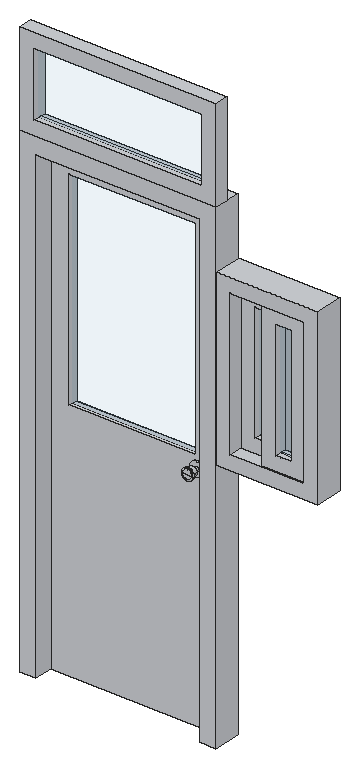
Revit family "D8A_鋁門1", category 門, Revit 2014
Parameters (values of type "90 x 210 cm 2")
  玻璃 = 玻璃
  熱阻 (R) = 0.270117 (m²·K)/W
  Visual Light Transmittance = 0
  Solar Heat Gain Coefficient = 0
  營造類型 Id = "MDOOR"
  關鍵註記 = "單開門-矩形"
  傳熱係數 (U) = 3.7021 W/(m²·K)
  功能 = 室內
  門扇材料 = none
  門扇寬度 = Width - 2 * 開門側框寬度  # 750 mm
  門扇厚度 = 40 mm
  Assembly Code = ""
  Rough Height = Height  # 2100 mm
  Rough Width = Width  # 850 mm
  框架深度 = 120 mm
  框擋板寬度 = 門扇厚度 / 2  # 20 mm
  框總寬度 [instance] = 開門側框寬度 + 框擋板寬度  # 70 mm
  Height = 2100 mm
  牆封閉 = 依主體
  框架材料 = none
  開門側框寬度 = 50 mm
  握把五金 = none
  Width = 850 mm
  操作 = "左單開門方向"
  解析營造 = "金屬"
Reference planes
  plane 1: y = -210
  plane 2 "中心 (左/右)": x = 0
  plane 3 "左": x = -425
  plane 4 "右": x = 425
  plane 5: z = 2100
  plane 6 "外部": y = -135
  plane 7 "內部": y = -285
  plane 8: y = 320
  plane 9: y = -740
  plane 10: z = 1050
Forms (mm)
  Sweep 1, solid, material <- "框架材料"
    path origin (-5000, -210, 0) x (-1, 0, 0) y (0, 0, 1)
      loop
        line (-5425, 0) -> (-5425, 2100) -> (-4575, 2100) -> (-4575, 0)
    profile origin (425, -210, 1050) x (1, 0, 0) y (0, 1, 0)
      loop
        line (0, 60) -> (-50, 60) -> (-50, 20) -> (-70, 20) -> (-70, -60) -> (0, -60) -> (0, 60)
  Extrusion 2, solid, material <- "門扇材料"
    sketch origin (-5000, -210, 0) x (1, 0, 0) y (0, 0, 1)
      loop
        line (4625, 2050) -> (4625, 0) -> (5375, 0) -> (5375, 2050) -> (4625, 2050)
      loop
        line (5275, 1050) -> (5275, 1950) -> (4725, 1950) -> (4725, 1050) -> (5275, 1050)
    from -60 to -20
  Extrusion 3, solid, material "玻璃" <- "玻璃"
    sketch origin (-5000, -210, 0) x (1, 0, 0) y (0, 0, 1)
      loop
        line (5275, 1950) -> (4725, 1950) -> (4725, 1050) -> (5275, 1050) -> (5275, 1950)
    from -55 to -35
Lines and regions (mm)
  Opening 1
    outline origin (-3050, -285, 0) x (1, 0, 0) y (0, 0, 1)
      loop
        line (2625, 0) -> (3475, 0) -> (3475, 2100) -> (2625, 2100) -> (2625, 0)
  symbolic lines, style "Doors"
    curve 1: line (-375, -150, 0) -> (-335, -150, 0)
    curve 2: line (-375, 600, 0) -> (-375, -150, 0)
    curve 3: line (-335, 600, 0) -> (-375, 600, 0)
    curve 4: line (-335, -150, 0) -> (-335, 600, 0)
  symbolic lines, style "平面圖打開方向"
    curve 5: arc (375, -150, 0) -> (169.289, 365.994, 0) -> (-335, 598.933, 0) r 750
  symbolic lines, style "DoorsFrameMullionProjection"
    curve 6: line (-375, -150, 0) -> (-425, -150, 0)
    curve 7: line (-375, -270, 0) -> (-375, -150, 0)
    curve 8: line (-425, -270, 0) -> (-375, -270, 0)
    curve 9: line (-425, -150, 0) -> (-425, -270, 0)
    curve 10: line (375, -150, 0) -> (425, -150, 0)
    curve 11: line (375, -270, 0) -> (375, -150, 0)
    curve 12: line (425, -270, 0) -> (375, -270, 0)
    curve 13: line (425, -150, 0) -> (425, -270, 0)
  symbolic lines, style "立面圖打開方向"
    curve 14: line (-425, -285, 1050) -> (425, -285, 0)
    curve 15: line (-425, -135, 1050) -> (425, -135, 2100)
  model lines
    curve 16: line (275, -190, 950) -> (-275, -190, 950)
    curve 17: line (275, -190, 100) -> (275, -190, 950)
    curve 18: line (-275, -190, 100) -> (275, -190, 100)
    curve 19: line (-240, -190, 950) -> (-240, -190, 100)
    curve 20: line (-180, -190, 950) -> (-180, -190, 100)
    curve 21: line (-120, -190, 950) -> (-120, -190, 100)
    curve 22: line (-60, -190, 950) -> (-60, -190, 100)
    curve 23: line (0, -190, 950) -> (0, -190, 100)
    curve 24: line (60, -190, 950) -> (60, -190, 100)
    curve 25: line (120, -190, 950) -> (120, -190, 100)
    curve 26: line (180, -190, 950) -> (180, -190, 100)
    curve 27: line (240, -190, 950) -> (240, -190, 100)
    curve 28: line (275, -150, 950) -> (-275, -150, 950)
    curve 29: line (275, -150, 100) -> (275, -150, 950)
    curve 30: line (-275, -150, 100) -> (275, -150, 100)
    curve 31: line (-275, -150, 950) -> (-275, -150, 100)
    curve 32: line (-240, -150, 950) -> (-240, -150, 100)
    curve 33: line (-180, -150, 950) -> (-180, -150, 100)
    curve 34: line (-120, -150, 950) -> (-120, -150, 100)
    curve 35: line (-60, -150, 950) -> (-60, -150, 100)
    curve 36: line (0, -150, 950) -> (0, -150, 100)
    curve 37: line (60, -150, 950) -> (60, -150, 100)
    curve 38: line (120, -150, 950) -> (120, -150, 100)
    curve 39: line (180, -150, 950) -> (180, -150, 100)
    curve 40: line (240, -150, 950) -> (240, -150, 100)
Text (mm)
  text "外部" at (-2295.016, 1099.543, 0), in view "參考樓層"
  text "外部" at (0, 1615.38, 3698.081), in view "左"
  text "外部" at (0, 1036.032, 3874.932), in view "右"
Dimensions and locks
  equal spacing: plane 3 "左", plane 2 "中心 (左/右)", plane 4 "右"
  "Width": plane 3 "左" to plane 4 "右"
  "Height": plane 5 to host wall
  host wall to plane 5 = 2100 mm  (x2)
  locked: plane 6 "外部" to host wall at 0
  locked: plane 7 "內部" to host wall
  equal spacing: Sweep 1 sketch curve, host wall, Sweep 1 sketch curve
  "框架深度": Sweep 1 sketch curve to Sweep 1 sketch curve
  "門扇厚度": Sweep 1 sketch curve to Sweep 1 sketch curve
  "開門側框寬度": Sweep 1 sketch curve to Sweep 1 sketch curve
  "框擋板寬度": Sweep 1 sketch curve to Sweep 1 sketch curve
  "Width": Sweep 1 sketch curve to Sweep 1 sketch curve
  "門扇厚度": curve 2 to curve 4
  "門扇寬度": curve 3 to curve 1
  "開門側框寬度": curve 11 to Sweep 1
  "開門側框寬度": curve 9 to curve 7
  equal spacing: Sweep 1, host wall, Sweep 1  (x2)
  "框架深度": Sweep 1 to Sweep 1  (x2)
  equal spacing: curve 6, plane 1, curve 8
  "框架深度": curve 6 to curve 8
  equal spacing: curve 12, plane 1, curve 10
  "框架深度": curve 12 to curve 10
  locked: nested 2 to Sweep 1 at 75
  locked: nested 1 to Sweep 1 at 75
  equal spacing: plane 8, plane 1, plane 9
  plane 8 to plane 9 = 1060 mm
  "門扇厚度": Extrusion 2 to Extrusion 2
  "門扇寬度": radius of curve 5
  aligned and locked: plane 3 "左" to Opening 1 sketch curve
  aligned and locked: plane 5 to Opening 1 sketch curve  (x2)
  aligned and locked: Opening 1 sketch curve to plane 4 "右"
  aligned and locked: Opening 1 sketch curve to level
  aligned and locked: plane 1 to host wall
  aligned and locked: Sweep 1 to Extrusion 2 sketch curve
  aligned and locked: Extrusion 2 sketch curve to Sweep 1  (x2)
  aligned and locked: level to Extrusion 2 sketch curve
  aligned and locked: Extrusion 2 to Sweep 1
  aligned and locked: nested 1 to Extrusion 2
  aligned and locked: Extrusion 2 to nested 2
  aligned and locked: plane 4 "右" to curve 15
  aligned and locked: plane 5 to curve 15
  aligned and locked: level to curve 14
  aligned and locked: plane 4 "右" to curve 14
  aligned and locked: plane 10 to curve 15
  aligned and locked: plane 3 "左" to curve 15
  aligned and locked: curve 14 to curve 15
  aligned and locked: plane 10 to Extrusion 2
  aligned and locked: nested 5 to nested 6
  aligned and locked: plane 3 "左" to nested 6
  aligned and locked: nested 5 to plane 4 "右"
  aligned and locked: plane 4 "右" to nested 6
Automatic sketch dimensions
  curve 14 to plane 10 = 0 mm
  plane 4 "右" to Sweep 1 sketch curve = 0 mm
  Sweep 1 sketch curve to plane 5 = 0 mm
  Sweep 1 sketch curve to level = 0 mm  (x2)
  Sweep 1 sketch curve to profile plane = 0 mm
  curve 9 to plane 3 "左" = 0 mm
  curve 13 to plane 4 "右" = 0 mm
  Extrusion 2 sketch curve to plane 10 = 0 mm
  Extrusion 2 sketch curve to plane 3 "左" = 150 mm
  plane 5 to Extrusion 2 sketch curve = 150 mm
  Extrusion 2 sketch curve to Extrusion 2 sketch curve = 100 mm
  Extrusion 3 sketch curve to plane 10 = 0 mm
  Extrusion 3 sketch curve to plane 3 "左" = 150 mm
  plane 5 to Extrusion 3 sketch curve = 150 mm
  plane 4 "右" to Extrusion 3 sketch curve = 150 mm
  Extrusion 2 to curve 18 = 0 mm  (x2)
  curve 18 to Extrusion 2 = 100 mm
  Extrusion 2 to curve 16 = 0 mm
  curve 17 to Extrusion 2 = 100 mm
  plane 4 "右" to curve 30 = 150 mm
  curve 29 to plane 10 = 100 mm
  curve 30 to plane 3 "左" = 150 mm
  curve 28 to plane 3 "左" = 150 mm
  level to curve 29 = 100 mm
Nested families
  nested 1: "喇叭鎖" at (355, -190, 0) x (-1, 0, 0) z (0, 0, 1), type "喇叭鎖"
  nested 2: "喇叭鎖" at (355, -150, 0) x (-1, 0, 0) z (0, 0, 1), type "喇叭鎖"
  nested 3: "喇叭鎖" at (365, 60, 1000), type "喇叭鎖", not visible
  nested 4: "喇叭鎖" at (365, 20, 1000), type "喇叭鎖", not visible
  nested 5: "雙開窗- (1)" at (645, -390, 0) x (-1, 0, 0) z (0, 0, 1), type "44 x 75 cm"
    with Height 750 mm, 預設窗台高度 1100 mm, Rough Height 750 mm, Rough Width 440 mm, Width 440 mm
  nested 6: "固定窗-矩形- (1)" at (0, -210, 0), type "85 x 40 cm"
    with Height 400 mm, 預設窗台高度 2100 mm, Rough Height 400 mm, Rough Width 850 mm, Width 850 mm
Definition of nested family "喇叭鎖"
  Parameters (values of type "喇叭鎖")
    Assembly Code = ""
    握把高度 = 1000 mm
    握把與版面側邊距離 = 75 mm
    握把五金 = none
  Reference planes
    plane 1 "中心 (前/後)": y = 0
    plane 2: z = 0
    plane 3 "中心 (左/右)": x = 0
    plane 4: x = 75
  Forms (mm)
    Revolve 1, solid, material <- "握把五金"
      sketch origin (511.236, -60, 1000) x (1, 0, 0) y (0, 1, 0)
        loop
          line (-436.236, 60) -> (-406.236, 60) -> (-406.236, 66) -> (-426.236, 66) -> (-426.236, 85) -> (-417.636, 85) -> (-411.236, 109.7) -> (-411.236, 113.2) -> (-415.736, 115) -> (-436.236, 115) -> (-436.236, 60)
        axis (-436.236, 60) -> (-436.236, 115)
      angle from 0 to 360
  Dimensions and locks
    "握把與版面側邊距離": plane 3 "中心 (左/右)" to plane 4
    "握把高度": Revolve 1 to level
  Automatic sketch dimensions
    plane 3 "中心 (左/右)" to Revolve 1 sketch curve = 75 mm  (x2)
    Revolve 1 sketch curve to plane 1 "中心 (前/後)" = 0 mm
    plane 3 "中心 (左/右)" to Revolve 1 sketch curve = 85 mm
    Revolve 1 sketch curve to Revolve 1 sketch curve = 8.6 mm
    plane 3 "中心 (左/右)" to Revolve 1 sketch curve = 95.5 mm
    Revolve 1 sketch curve to Revolve 1 sketch curve = 4.5 mm
    Revolve 1 sketch curve to Revolve 1 sketch curve = 20 mm
    plane 1 "中心 (前/後)" to Revolve 1 sketch curve = 60 mm
    Revolve 1 sketch curve to Revolve 1 sketch curve = 6 mm
    Revolve 1 sketch curve to Revolve 1 sketch curve = 19 mm
    Revolve 1 sketch curve to Revolve 1 sketch curve = 24.7 mm
    Revolve 1 sketch curve to Revolve 1 sketch curve = 3.5 mm
    Revolve 1 sketch curve to Revolve 1 sketch curve = 1.8 mm
    Revolve 1 sketch curve to Revolve 1 sketch curve = 200 mm
Definition of nested family "雙開窗- (1)"
  Parameters (values of type "100 x 150 cm")
    Visual Light Transmittance = 0.9
    Solar Heat Gain Coefficient = 0.78
    Construction Type Id = ""
    Height = 1500 mm
    Heat Transfer Coefficient (U) = 3.6886 W/(m²·K)
    預設窗台高度 = 900 mm
    Keynote = "雙開窗"
    Rough Height = Height  # 1500 mm
    Rough Width = Width  # 1000 mm
    裝飾外框寬度 = 60 mm
    玻璃材質 = none
    Wall Closure = (empty or 0)
    裝飾外框材料 = none
    裝飾外框厚度 = 120 mm
    Width = 1000 mm
    Operation = "垂直雙重面板"
    內部框架材料 = none
    內框寬度 = 60 mm
    內框厚度 = 50 mm
    Analytic Construction = (empty or 0)
  Reference planes
    plane 1: y = -180
    plane 2 "中心 (左/右)": x = 0
    plane 3 "左": x = -500
    plane 4 "右": x = 500
    plane 5 "窗台": z = 900
    plane 6 "窗頂": z = 2400
    plane 7 "外部": y = -105
    plane 8 "內部": y = -255
    plane 9: x = -30
    plane 10: x = 30
    plane 11: y = -120
    plane 12: y = -240
    plane 13: x = -440
    plane 14: x = 440
    plane 15: z = 2340
    plane 16: z = 960
  Forms (mm)
    Extrusion 1, solid, material <- "裝飾外框材料"
      sketch origin (0, -180, 0) x (1, 0, 0) y (0, 0, 1)
        loop
          line (-500, 2400) -> (-500, 900) -> (500, 900) -> (500, 2400) -> (-500, 2400)
        loop
          line (-440, 2340) -> (-440, 960) -> (440, 960) -> (440, 2340) -> (-440, 2340)
      from 60 to -60
  Lines and regions (mm)
    Opening 1
      outline origin (3442.648, -255, 0) x (1, 0, 0) y (0, 0, 1)
        loop
          line (-2942.648, 900) -> (-2942.648, 2400) -> (-3942.648, 2400) -> (-3942.648, 900) -> (-2942.648, 900)
  Text (mm)
    text "外部" at (-1963.203, 1332.353, 0), in view "參考樓層"
    text "內部" at (-1981.466, -818.386, 0), in view "參考樓層"
    text "外部" at (0, 923.751, 2943.296), in view "右"
    text "外部" at (0, 1040.484, 2685.409), in view "左"
  Dimensions and locks
    equal spacing: plane 3 "左", plane 2 "中心 (左/右)", plane 4 "右"
    "Width": plane 3 "左" to plane 4 "右"
    "Height": plane 5 "窗台" to plane 6 "窗頂"
    "預設窗台高度": plane 5 "窗台" to level
    locked: plane 7 "外部" to host wall at 0
    locked: plane 8 "內部" to host wall
    equal spacing: plane 9, plane 2 "中心 (左/右)", plane 10
    "內框寬度": plane 9 to plane 10
    equal spacing: plane 11, plane 1, plane 12
    "裝飾外框厚度": plane 11 to plane 12
    "裝飾外框寬度": plane 6 "窗頂" to plane 15
    "裝飾外框寬度": plane 16 to plane 5 "窗台"
    "裝飾外框寬度": plane 3 "左" to plane 13
    "裝飾外框寬度": plane 14 to plane 4 "右"
    aligned and locked: plane 1 to nested 1
    aligned and locked: plane 1 to nested 2
    aligned and locked: nested 1 to plane 10
    aligned and locked: nested 2 to plane 9
    aligned and locked: plane 1 to host wall
    aligned and locked: host wall to Extrusion 1 sketch curve
    aligned and locked: Extrusion 1 sketch curve to host wall  (x3)
    aligned and locked: Opening 1 sketch curve to plane 6 "窗頂"
    aligned and locked: Opening 1 sketch curve to plane 4 "右"
    aligned and locked: Opening 1 sketch curve to plane 5 "窗台"
    aligned and locked: Opening 1 sketch curve to plane 3 "左"
    aligned and locked: Extrusion 1 sketch curve to plane 15
    aligned and locked: plane 13 to Extrusion 1 sketch curve
    aligned and locked: Extrusion 1 sketch curve to plane 14
    aligned and locked: plane 16 to Extrusion 1 sketch curve
    aligned and locked: plane 15 to nested 2
    aligned and locked: plane 16 to nested 2
    aligned and locked: nested 1 to plane 15
    aligned and locked: nested 1 to plane 16
    aligned and locked: nested 1 to plane 13
    aligned and locked: plane 14 to nested 2
    aligned and locked: plane 11 to Extrusion 1
    aligned and locked: Extrusion 1 to plane 12
  Nested families
    nested 1: "窗框" at (-504.928, -1099.367, -40), type "窗框"
      with Height 1380 mm, Width 535 mm
    nested 2: "窗框" at (-29.928, 739.367, -40), type "窗框"
      with Height 1380 mm, Width 535 mm
  Definition of nested family "窗框"
    Parameters (values of type "窗框")
      Height [instance] = 500 mm
      護桿寬度 = 20 mm
      護桿厚度 = 10 mm
      Rough Height = 500 mm
      Rough Width = 600 mm
      Width [instance] = 600 mm
      裝飾外框材料 = none
      玻璃材質 = none
      玻璃厚度 = 10 mm
      裝飾外框寬度 = 60 mm
      裝飾外框厚度 = 50 mm
      Assembly Code = ""
    Reference planes
      plane 1 "中心 (前/後)": y = -919.367
      plane 2: z = 0
      plane 3 "中心 (左/右)": x = 267.428
      plane 4 "玻璃-上": y = -939.367
      plane 5 "玻璃-下": y = -949.367
      plane 6: y = -969.367
      plane 7: x = -32.572
      plane 8: x = 567.428
      plane 9: x = 27.428
      plane 10: x = 507.428
      plane 11: z = 1440
      plane 12: z = 1500
      plane 13: z = 1060
      plane 14: z = 1000
      plane 15: y = -944.367
    Forms (mm)
      Extrusion 1, solid, material <- "玻璃材質"
        sketch origin (-1499.274, -944.367, 1200) x (-1, 0, 0) y (0, 0, 1)
          loop
            line (-1526.702, 240) -> (-2006.702, 240) -> (-2006.702, -140) -> (-1526.702, -140) -> (-1526.702, 240)
        from -5 to 5
      Extrusion 2, solid, material <- "裝飾外框材料"
        sketch origin (-1499.274, -944.367, 1200) x (-1, 0, 0) y (0, 0, 1)
          loop
            line (-1466.702, 300) -> (-2066.702, 300) -> (-2066.702, -200) -> (-1466.702, -200) -> (-1466.702, 300)
          loop
            line (-1526.702, 240) -> (-2006.702, 240) -> (-2006.702, -140) -> (-1526.702, -140) -> (-1526.702, 240)
        from -25 to 25
    Dimensions and locks
      equal spacing: plane 10, plane 3 "中心 (左/右)", plane 9
      "裝飾外框寬度": plane 8 to plane 10
      "裝飾外框寬度": plane 9 to plane 7
      "裝飾外框寬度": plane 12 to plane 11
      "Width": plane 8 to plane 7
      "裝飾外框寬度": plane 13 to plane 14
      "Height": plane 12 to plane 14
      plane 14 to level = 1000 mm
      equal spacing: plane 4 "玻璃-上", plane 15, plane 5 "玻璃-下"
      "玻璃厚度": plane 4 "玻璃-上" to plane 5 "玻璃-下"
      equal spacing: plane 6, plane 15, plane 1 "中心 (前/後)"
      "裝飾外框厚度": plane 6 to plane 1 "中心 (前/後)"
      aligned and locked: Extrusion 1 sketch curve to plane 11
      aligned and locked: plane 9 to Extrusion 1 sketch curve
      aligned and locked: Extrusion 1 sketch curve to plane 10
      aligned and locked: plane 13 to Extrusion 1 sketch curve
      aligned and locked: plane 7 to Extrusion 2 sketch curve
      aligned and locked: Extrusion 2 sketch curve to plane 12
      aligned and locked: Extrusion 2 sketch curve to plane 8
      aligned and locked: plane 9 to Extrusion 2 sketch curve
      aligned and locked: plane 13 to Extrusion 2 sketch curve
      aligned and locked: Extrusion 2 sketch curve to plane 10
      aligned and locked: Extrusion 2 sketch curve to plane 11
      aligned and locked: Extrusion 2 sketch curve to plane 14
      aligned and locked: plane 2 to level
      aligned and locked: plane 6 to Extrusion 2
      aligned and locked: plane 1 "中心 (前/後)" to Extrusion 2
      aligned and locked: plane 5 "玻璃-下" to Extrusion 1
      aligned and locked: plane 4 "玻璃-上" to Extrusion 1
Definition of nested family "固定窗-矩形- (1)"
  Parameters (values of type "100 x 150 cm")
    Visual Light Transmittance = 0.9
    Solar Heat Gain Coefficient = 0.78
    Construction Type Id = ""
    Height = 1500 mm
    Heat Transfer Coefficient (U) = 3.6886 W/(m²·K)
    預設窗台高度 = 900 mm
    Keynote = "固定窗-矩形"
    Rough Height = Height  # 1500 mm
    Rough Width = Width  # 1000 mm
    玻璃材質 = none
    Wall Closure = (empty or 0)
    Width = 1000 mm
    裝飾外框材料 = none
    裝飾外框寬度 = 60 mm
    裝飾外框厚度 = 60 mm
    Analytic Construction = (empty or 0)
  Reference planes
    plane 1: y = 0
    plane 2 "中心 (左/右)": x = 0
    plane 3 "左": x = -500
    plane 4 "右": x = 500
    plane 5 "窗台": z = 900
    plane 6 "標頭": z = 2400
    plane 7 "外部": y = 75
    plane 8 "內部": y = -75
  Lines and regions (mm)
    Opening 1
      outline origin (3500, -75, 0) x (1, 0, 0) y (0, 0, 1)
        loop
          line (-3000, 900) -> (-3000, 2400) -> (-4000, 2400) -> (-4000, 900) -> (-3000, 900)
  Text (mm)
    text "外部" at (-1963.203, 1332.353, 0), in view "參考樓層"
    text "內部" at (-1981.466, -818.386, 0), in view "參考樓層"
    text "外部" at (0, 923.751, 2943.296), in view "右"
    text "外部" at (0, 1040.484, 2685.409), in view "左"
  Dimensions and locks
    equal spacing: plane 3 "左", plane 2 "中心 (左/右)", plane 4 "右"
    "Width": plane 3 "左" to plane 4 "右"
    "Height": plane 5 "窗台" to plane 6 "標頭"
    "預設窗台高度": plane 5 "窗台" to level
    locked: plane 7 "外部" to host wall at 0
    locked: plane 8 "內部" to host wall
    aligned and locked: plane 1 to nested 1
    aligned and locked: nested 1 to plane 3 "左"
    aligned and locked: nested 1 to plane 4 "右"
    aligned and locked: nested 1 to plane 6 "標頭"
    aligned and locked: nested 1 to plane 5 "窗台"
  Automatic sketch dimensions
    Opening 1 sketch curve to plane 3 "左" = 0 mm
    Opening 1 sketch curve to plane 4 "右" = 0 mm
    Opening 1 sketch curve to plane 5 "窗台" = 0 mm
    Opening 1 sketch curve to plane 6 "標頭" = 0 mm
  Nested families
    nested 1: "窗框" at (-267.428, 919.367, -100), type "窗框"
      with Height 1500 mm, Width 1000 mm
  Definition of nested family "窗框"
    Parameters (values of type "窗框")
      Height [instance] = 500 mm
      護桿寬度 = 20 mm
      護桿厚度 = 10 mm
      Rough Height = 500 mm
      Rough Width = 600 mm
      Width [instance] = 600 mm
      裝飾外框材料 = none
      玻璃材質 = none
      玻璃厚度 = 10 mm
      裝飾外框寬度 = 60 mm
      裝飾外框厚度 = 60 mm
      Assembly Code = ""
    Reference planes
      plane 1 "中心 (前/後)": y = -919.367
      plane 2: z = 0
      plane 3 "中心 (左/右)": x = 267.428
      plane 4 "玻璃-上": y = -944.367
      plane 5 "玻璃-下": y = -954.367
      plane 6: y = -979.367
      plane 7: x = -32.572
      plane 8: x = 567.428
      plane 9: x = 27.428
      plane 10: x = 507.428
      plane 11: z = 1440
      plane 12: z = 1500
      plane 13: z = 1060
      plane 14: z = 1000
      plane 15: y = -949.367
    Forms (mm)
      Extrusion 1, solid, material <- "玻璃材質"
        sketch origin (-1499.274, -949.367, 1200) x (-1, 0, 0) y (0, 0, 1)
          loop
            line (-1526.702, 240) -> (-2006.702, 240) -> (-2006.702, -140) -> (-1526.702, -140) -> (-1526.702, 240)
        from -5 to 5
      Extrusion 2, solid, material <- "裝飾外框材料"
        sketch origin (-1499.274, -949.367, 1200) x (-1, 0, 0) y (0, 0, 1)
          loop
            line (-1466.702, 300) -> (-2066.702, 300) -> (-2066.702, -200) -> (-1466.702, -200) -> (-1466.702, 300)
          loop
            line (-1526.702, 240) -> (-2006.702, 240) -> (-2006.702, -140) -> (-1526.702, -140) -> (-1526.702, 240)
        from -30 to 30
    Dimensions and locks
      equal spacing: plane 10, plane 3 "中心 (左/右)", plane 9
      "裝飾外框寬度": plane 8 to plane 10
      "裝飾外框寬度": plane 9 to plane 7
      "裝飾外框寬度": plane 12 to plane 11
      "Width": plane 8 to plane 7
      "裝飾外框寬度": plane 13 to plane 14
      "Height": plane 12 to plane 14
      plane 14 to level = 1000 mm
      equal spacing: plane 4 "玻璃-上", plane 15, plane 5 "玻璃-下"
      "玻璃厚度": plane 4 "玻璃-上" to plane 5 "玻璃-下"
      equal spacing: plane 6, plane 15, plane 1 "中心 (前/後)"
      "裝飾外框厚度": plane 6 to plane 1 "中心 (前/後)"
      aligned and locked: Extrusion 1 sketch curve to plane 11
      aligned and locked: plane 9 to Extrusion 1 sketch curve
      aligned and locked: Extrusion 1 sketch curve to plane 10
      aligned and locked: plane 13 to Extrusion 1 sketch curve
      aligned and locked: plane 7 to Extrusion 2 sketch curve
      aligned and locked: Extrusion 2 sketch curve to plane 12
      aligned and locked: Extrusion 2 sketch curve to plane 8
      aligned and locked: plane 9 to Extrusion 2 sketch curve
      aligned and locked: plane 13 to Extrusion 2 sketch curve
      aligned and locked: Extrusion 2 sketch curve to plane 10
      aligned and locked: Extrusion 2 sketch curve to plane 11
      aligned and locked: Extrusion 2 sketch curve to plane 14
      aligned and locked: plane 2 to level
      aligned and locked: plane 6 to Extrusion 2
      aligned and locked: plane 1 "中心 (前/後)" to Extrusion 2
      aligned and locked: plane 5 "玻璃-下" to Extrusion 1
      aligned and locked: plane 4 "玻璃-上" to Extrusion 1
